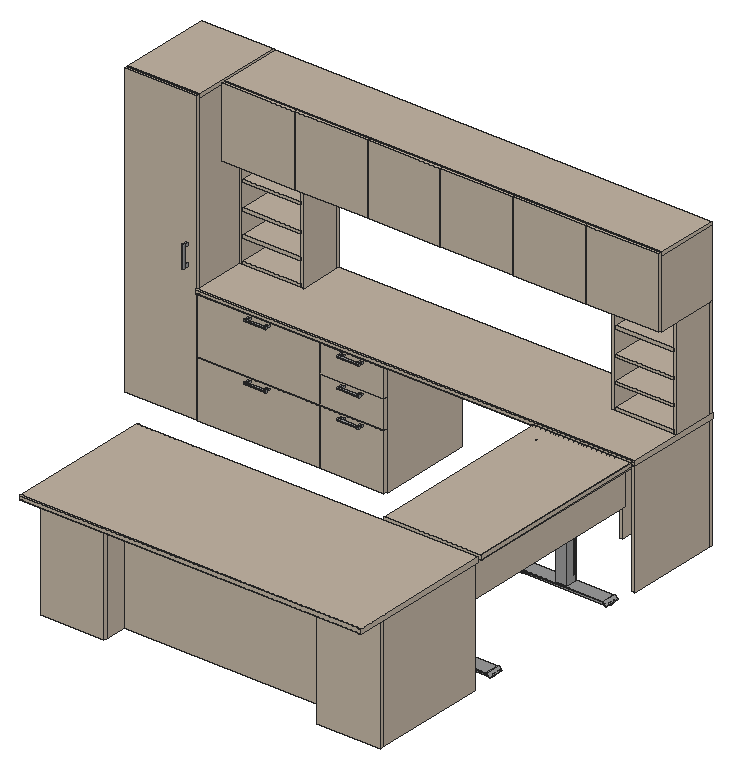
Revit family "JSI-Vision-Typical_Laminate-VST106", category Furniture, Revit 2020
Family settings
  OmniClass Number = 23.40.20.00
  OmniClass Title = General Furniture and Specialties
  Work Plane-Based = No
  Always vertical = Yes
  Cut with Voids When Loaded = No
  Shared = No
  Room Calculation Point = No
Parameters (values of type "VST106")
  URL = "www.jsifurniture.com"
  Type Comments = "Typical Laminate"  # constant formula
  Model = "VST106"
  Manufacturer = "JSI"  # constant formula
  Keynote = "12500"
  Default Elevation = 0"
  Assembly Code = "E2020200"
Reference planes (in)
  plane 1 "Center Front/Back": y = 0
  plane 2: z = 0
  plane 3 "Center Left/Right": x = 0
Dimensions and locks (in)
  aligned and locked: level to plane 2
Nested families (in)
  nested 1: "JSI-Vision-Wall_Mount_Overhead_Cabinets" at (17.875, 0, -0.5625), type "VST16108WSO, Laminate Wall Mount OH Cab. 16" x 108", 6 Doors"
    with Overall Height 72", Verticall Partition Distance 35 13/16", Unit Centre 54", Width 108", Door Width Actual 17 13/16", Door Array Spacing 17 15/16", Door Width 17 13/16", # of Doors 6
  nested 2: "JSI-Vision-Modular_Box_Box_File_Pedestal" at (47.875, 0.0625, 0), type "VST1624MBBF, Laminate Modular BBF Ped"
    with Ped Width 15.996", Ped Height 27.996", Ped Depth 24"
  nested 3: "JSI-Vision-Modular_Wing_End_Support" at (109.875, 0, 0), type "VST1624WEAR, Wing End Sup - Right"
    with Pnl Pstn 15 1/8", L no, Depth 24"
  nested 4: "JSI-Vision-Credenza_Top" at (17.875, -0.125, 28), type "VST24108MCT, Laminate Credenza Top, 24" x 108""
    with Height 0", Width 108", Depth 24"
  nested 5: "JSI-Vision-Wardrobe" at (0, 0, 0), type "VST2418-72WL - Wardrobe - 1 Doors 30"W x 24"D x 72"H"
    with Vertical Partition no, Top-Right Shelve no, Width 18", Unit Centre 8 15/16", Shelve Width 7 13/16", Right surface Dist. to Vertical Partition 3/4", Right Door no, Pull Distance 15 1/4", Left Shelves no, Height 72", Hanging Bar Distance 6 3/4", Door Width 17 3/4", Bottom-Right Shelves yes, Adjustable Shelves Array Distance 13.95", Actual Width 17 7/8", Actual Height 71 11/16", # of Adjustable Shelves 4
  nested 6: "JSI-Vision-Modular_Lateral_File_Pedestal" at (17.875, 0.0625, 0), type "VST3024MLF, Laminate Modular Lat F Ped"
    with Ped Depth 24"
  nested 7: "JSI-Vision-Single_Pedestal_Desk-Break_Front_Modesty" at (89.81087, -97.625, 0) x (-1, 0, 0) z (0, 0, 1), type "VST3684RD, Laminate 36 x 84 Right Ped Desk, Brk Frnt Modesty"
    with Width 84", Panel BBF 68 1/4", LR no, Height 29.187", Grommet angle 270.00°, Panel FF 15", Grommet 68 79/128", Depth 36", BBF 68 1/4"
  nested 8: "JSI-Vision-Adjustable_Table_Height_Bridge-Standard_Range" at (125.875, -25.25, 0) x (0, -1, 0) z (0, 0, 1), type "VST2446AHB-S - Adjustable Height Table Standard Range 46"W x 24"D"
  nested 9: "JSI-Vision-Storage_Tower_Transaction_Support_Cabinet" at (17.875, -0.125, 0), type "VST2016ST, Storage Tower Insert Transaction Support Cabinet 16w x 24 3/4h"
  nested 10: "JSI-Vision-Storage_Tower_Transaction_Support_Cabinet" at (109.75, -0.125, 0), type "VST2016ST, Storage Tower Insert Transaction Support Cabinet 16w x 24 3/4h"
  nested 11: "JSI-Vision-Adj_Bridge_Modesty" at (124.375, -25.25, -0.813) x (0, -1, 0) z (0, 0, 1), type "VST0946TDM, Modesty for Adj Bridge, 46"W"
    with Width 46"
Definition of nested family "JSI-Vision-Wall_Mount_Overhead_Cabinets"
  Parameters (values of type "Wall Mount OH Cab - Type Catalog Family")
    Verticall Partition Distance = (Door Width * 2) + 3/16"  # 26 3/4"
    Unit Centre = Width / 2  # 27"
    Top = none
    Width = 54"
    URL = "www.jsifurniture.com"
    Type Comments = ""
    Tag = "4 Doors"
    Series = "Vision Casegoods"  # constant formula
    Right Vertical Partition = yes
    Overhead Height = 1 1/2"
    Overall Height [instance] = 72"
    Model = "Type Catalog"
    Material = ""
    Manufacturer = "JSI"  # constant formula
    Left Vertical Partition = yes
    Keynote = "12500"  # constant formula
    JSI Enviromental Website = "http://www.jsifurniture.com/jsi_sustainability_intro.php"
    Height = 18"
    Door Width Actual = if(# of Doors > 4, ((Width - 1 1/8") / # of Doors), if(# of Doors > 3, (((Width - 1 1/8") / # of Doors) + 1/16"), if(# of Doors > 2, (((Width - 1 1/8") / # of Doors) + 1/8"), (((Width - 1 1/8") / # of Doors) + 1/4"))))  # 13 9/32"
    Door Array Spacing = Door Width + 1/8"  # 13 13/32"
    Door Width = Door Width Actual  # 13 9/32"
    Door Front = none
    Description = "Type Catalog"
    Depth = 16"
    Default Elevation = 0"
    Chassis = none
    Assembly Code = "E2020200"
    # of Doors = if(Width > 89", 6, (if(Width > 53", 4, (if(Width > 41", 3, (if(Width > 30", 2, 2)))))))  # 4
  Reference planes (in)
    plane 1 "Center Front/Back": y = 0
    plane 2: z = 0
    plane 3 "Center Left/Right": x = 0
    plane 4 "a": z = 0
    plane 5: y = -0.125
    plane 6: x = 54
    plane 7: x = 0.125
    plane 8: x = 53.875
    plane 9: y = -15.5625
    plane 10: y = -16
    plane 11: z = 72
    plane 12: z = 71.5
    plane 13: x = 0.875
    plane 14: x = 53.125
    plane 15: y = -0.875
    plane 16: y = -0.9375
    plane 17: y = -1.6875
    plane 18: z = 71.25
    plane 19: z = 56
    plane 20: z = 56.75
    plane 21: z = 54.5
    plane 22: y = -14.8125
    plane 23: y = -14.0625
    plane 24: x = 0.25
    plane 25: x = 53.75
    plane 26: z = 71.9375
    plane 27: z = 54.6875
    plane 28: y = -15.6875
    plane 29: y = -16.4375
    plane 30: x = 18.0625
    plane 31: x = 18.1875
    plane 32: x = 18.125
    plane 33: x = 27
    plane 34: x = 27
    plane 35: x = 27
    plane 36: x = 26.625
    plane 37: x = 27.375
    plane 38: x = 26.625
    plane 39: x = 27.375
    plane 40: z = 54.5
    plane 41: z = 72.5
    plane 42: z = 66.0625
    plane 43: z = 69.0625
    plane 44: z = 68.25
    plane 45: x = 1.5
    plane 46: x = 52.5
  Forms (in)
    Extrusion 1, solid, material <- "Chassis"
      sketch origin (0, 0, 0) x (1, 0, 0) y (0, 1, 0)
        loop
          line (0.125, -0.125) -> (0.125, -15.5625) -> (0.875, -15.5625) -> (0.875, -0.125) -> (0.125, -0.125)
      from 54.5 to 71.25
    Extrusion 2, solid, material <- "Chassis"
      sketch origin (0, 0, 0) x (1, 0, 0) y (0, 1, 0)
        loop
          line (53.875, -0.125) -> (53.125, -0.125) -> (53.125, -15.5625) -> (53.875, -15.5625) -> (53.875, -0.125)
      from 54.5 to 71.25
    Extrusion 3, solid, material <- "Top"
      sketch origin (0, 0, 0) x (1, 0, 0) y (0, 0, 1)
        loop
          line (0.125, 72) -> (0.125, 71.25) -> (53.875, 71.25) -> (53.875, 72) -> (0.125, 72)
      from 0.125 to 15.5625
    Extrusion 4, solid, material <- "Chassis"
      sketch origin (0, 0, 0) x (1, 0, 0) y (0, 0, 1)
        loop
          line (0.875, 56.75) -> (0.875, 56) -> (53.125, 56) -> (53.125, 56.75) -> (0.875, 56.75)
      from 1.6875 to 15.5625
    Extrusion 5, solid, material <- "Chassis"
      sketch origin (0, 0, 0) x (1, 0, 0) y (0, 1, 0)
        loop
          line (0.875, -14.0625) -> (0.875, -14.8125) -> (53.125, -14.8125) -> (53.125, -14.0625) -> (0.875, -14.0625)
      from 54.5 to 56
    Extrusion 6, solid, material <- "Door Front"
      sketch origin (-4.53125, 0, 17.5) x (1, 0, 0) y (0, 1, 0)
        loop
          line (4.78125, -15.6875) -> (4.78125, -16.4375) -> (18.0625, -16.4375) -> (18.0625, -15.6875) -> (4.78125, -15.6875)
      from 37.1875 to 54.4375
    Extrusion 7, solid, material <- "Door Front"
      sketch origin (8.875, 0, 17.5) x (1, 0, 0) y (0, 1, 0)
        loop
          line (4.78125, -15.6875) -> (4.78125, -16.4375) -> (18.0625, -16.4375) -> (18.0625, -15.6875) -> (4.78125, -15.6875)
      from 37.1875 to 54.4375
    Extrusion 8, solid, material <- "Chassis", visible <- "Left Vertical Partition"
      sketch origin (0, 0, 0) x (1, 0, 0) y (0, 1, 0)
        loop
          line (26.625, -1.6875) -> (26.625, -15.5625) -> (27.375, -15.5625) -> (27.375, -1.6875) -> (26.625, -1.6875)
      from 56.75 to 71.25
    Extrusion 9, solid, material <- "Chassis", visible <- "Right Vertical Partition"
      sketch origin (0, 0, 0) x (1, 0, 0) y (0, 1, 0)
        loop
          line (26.625, -1.6875) -> (26.625, -15.5625) -> (27.375, -15.5625) -> (27.375, -1.6875) -> (26.625, -1.6875)
      from 56.75 to 71.25
    Extrusion 10, solid, material <- "Chassis"
      sketch origin (130.61992, -0.9375, 48) x (1, 0, 0) y (0, 0, 1)
        loop
          line (-129.74492, 23.25) -> (-129.74492, 6.5) -> (-77.49492, 6.5) -> (-77.49492, 23.25) -> (-129.74492, 23.25)
      from 0 to 0.75
    Extrusion 11, solid, material <- "Chassis"
      sketch origin (1.5, 60, 48) x (0, 1, 0) y (0, 0, 1)
        loop
          line (-60.125, 23.25) -> (-60.9375, 23.25) -> (-60.9375, 21.0625) -> (-60.125, 20.25) -> (-60.125, 23.25)
      from -0.625 to 51.625
    Extrusion 12, solid, material <- "Chassis"
      sketch origin (1.5, 60, 48) x (0, 1, 0) y (0, 0, 1)
        loop
          line (-60.9375, 21.0625) -> (-60.9375, 18.0625) -> (-60.125, 18.0625) -> (-60.125, 20.25) -> (-60.9375, 21.0625)
      from 0 to 51
    Extrusion 13, solid, material <- "Door Front"
      sketch origin (22.28125, 0, 17.5) x (1, 0, 0) y (0, 1, 0)
        loop
          line (4.78125, -15.6875) -> (4.78125, -16.4375) -> (18.0625, -16.4375) -> (18.0625, -15.6875) -> (4.78125, -15.6875)
      from 37.1875 to 54.4375
    Extrusion 14, solid, material <- "Door Front"
      sketch origin (35.6875, 0, 17.5) x (1, 0, 0) y (0, 1, 0)
        loop
          line (4.78125, -15.6875) -> (4.78125, -16.4375) -> (18.0625, -16.4375) -> (18.0625, -15.6875) -> (4.78125, -15.6875)
      from 37.1875 to 54.4375
  Lines and regions (in)
    symbolic lines
      curve 1: line (0.125, -0.125, 0) -> (0.125, -15.5625, 0)
      curve 2: line (53.875, -0.125, 0) -> (0.125, -0.125, 0)
      curve 3: line (0.125, -15.5625, 0) -> (53.875, -15.5625, 0)
      curve 4: line (53.875, -15.5625, 0) -> (53.875, -0.125, 0)
      curve 5: line (13.53125, -15.6875, 0) -> (0.25, -15.6875, 0)
      curve 6: line (0.25, -15.6875, 0) -> (0.25, -16.4375, 0)
      curve 7: line (0.25, -16.4375, 0) -> (13.53125, -16.4375, 0)
      curve 8: line (13.53125, -16.4375, 0) -> (13.53125, -15.6875, 0)
      curve 9: line (26.9375, -15.6875, 0) -> (13.65625, -15.6875, 0)
      curve 10: line (13.65625, -15.6875, 0) -> (13.65625, -16.4375, 0)
      curve 11: line (13.65625, -16.4375, 0) -> (26.9375, -16.4375, 0)
      curve 12: line (26.9375, -16.4375, 0) -> (26.9375, -15.6875, 0)
      curve 13: line (40.34375, -15.6875, 0) -> (27.0625, -15.6875, 0)
      curve 14: line (27.0625, -15.6875, 0) -> (27.0625, -16.4375, 0)
      curve 15: line (27.0625, -16.4375, 0) -> (40.34375, -16.4375, 0)
      curve 16: line (40.34375, -16.4375, 0) -> (40.34375, -15.6875, 0)
      curve 17: line (53.75, -15.6875, 0) -> (40.46875, -15.6875, 0)
      curve 18: line (40.46875, -15.6875, 0) -> (40.46875, -16.4375, 0)
      curve 19: line (40.46875, -16.4375, 0) -> (53.75, -16.4375, 0)
      curve 20: line (53.75, -16.4375, 0) -> (53.75, -15.6875, 0)
  Dimensions and locks (in)
    plane 3 "Center Left/Right" to plane 7 to plane 24 = 1/8" locked, 1/8" locked
    plane 25 to plane 8 to plane 6 = 1/8" locked, 1/8" locked
    locked: plane 5 to plane 1 "Center Front/Back" at 0.125
    plane 10 to plane 9 to plane 22 to plane 23 = 7/16" locked, 3/4" locked, 3/4" locked
    "Width": plane 3 "Center Left/Right" to plane 6
    "Depth": plane 10 to plane 1 "Center Front/Back"
    locked: plane 11 to plane 12 at 0.5
    plane 7 to plane 13 to plane 45 = 3/4" locked, 5/8" locked
    plane 46 to plane 14 to plane 8 = 5/8" locked, 3/4" locked
    locked: plane 15 to plane 5 at 0.75
    plane 17 to plane 16 to plane 5 = 3/4" locked, 13/16" locked
    locked: plane 11 to plane 18 at 0.75
    plane 20 to plane 19 to plane 21 = 3/4" locked, 1 1/2" locked
    locked: plane 11 to plane 26 at 0.0625
    locked: plane 27 to plane 21 at 0.1875
    plane 29 to plane 28 to plane 9 = 3/4" locked, 1/8" locked
    plane 30 to plane 32 to plane 31 = 1/16" locked, 1/16" locked
    "Door Width": Extrusion 6 sketch curve to Extrusion 6 sketch curve
    "Door Width": Extrusion 7 sketch curve to Extrusion 7 sketch curve
    equal spacing: group 1, group 2, group 3, group 4  (x3)
    "Door Array Spacing": Extrusion 6 to Extrusion 7
    "Verticall Partition Distance": plane 24 to plane 34
    plane 36 to plane 34 to plane 37 = 3/8" locked, 3/8" locked
    plane 38 to plane 35 to plane 39 = 3/8" locked, 3/8" locked
    "Verticall Partition Distance": plane 35 to plane 25
    "Unit Centre": plane 3 "Center Left/Right" to plane 33
    "Overhead Height": plane 19 to plane 40
    locked: plane 41 to plane 11 at 0.5
    "Height": plane 41 to plane 40
    plane 18 to plane 43 to plane 44 to plane 42 = 2 3/16" locked, 13/16" locked, 2 3/16" locked
    "Door Width": Extrusion 13 sketch curve to Extrusion 13 sketch curve
    "Door Width": Extrusion 14 sketch curve to Extrusion 14 sketch curve
    "Overall Height": plane 11 to level
    aligned and locked: level to plane 2
    aligned and locked: plane 5 to Extrusion 1 sketch curve
    aligned and locked: plane 7 to Extrusion 1 sketch curve
    aligned and locked: Extrusion 1 sketch curve to plane 13
    aligned and locked: Extrusion 2 sketch curve to plane 5
    aligned and locked: plane 8 to Extrusion 2 sketch curve
    aligned and locked: Extrusion 2 sketch curve to plane 14
    aligned and locked: Extrusion 3 sketch curve to plane 11
    aligned and locked: plane 7 to Extrusion 3 sketch curve
    aligned and locked: Extrusion 3 to plane 5
    aligned and locked: plane 9 to Extrusion 1
    aligned and locked: plane 9 to Extrusion 2
    aligned and locked: plane 9 to Extrusion 3
    aligned and locked: Extrusion 4 sketch curve to plane 20
    aligned and locked: plane 13 to Extrusion 4 sketch curve
    aligned and locked: plane 19 to Extrusion 4 sketch curve
    aligned and locked: Extrusion 4 sketch curve to plane 14
    aligned and locked: Extrusion 4 to plane 17
    aligned and locked: plane 9 to Extrusion 4
    aligned and locked: plane 23 to Extrusion 5 sketch curve
    aligned and locked: plane 13 to Extrusion 5 sketch curve
    aligned and locked: Extrusion 5 sketch curve to plane 22
    aligned and locked: Extrusion 5 sketch curve to plane 14
    aligned and locked: plane 19 to Extrusion 5
    aligned and locked: Extrusion 5 to plane 21
    aligned and locked: plane 26 to Extrusion 6
    aligned and locked: Extrusion 6 to plane 24
    aligned and locked: plane 17 to Extrusion 8 sketch curve
    aligned and locked: plane 36 to Extrusion 8 sketch curve
    aligned and locked: Extrusion 8 sketch curve to plane 9
    aligned and locked: Extrusion 8 sketch curve to plane 37
    aligned and locked: plane 17 to Extrusion 9 sketch curve
    aligned and locked: plane 38 to Extrusion 9 sketch curve
    aligned and locked: Extrusion 9 sketch curve to plane 9
    aligned and locked: Extrusion 9 sketch curve to plane 39
    aligned and locked: plane 18 to Extrusion 8
    aligned and locked: Extrusion 8 to plane 20
    aligned and locked: plane 18 to Extrusion 9
    aligned and locked: Extrusion 9 to plane 20
    aligned and locked: Extrusion 1 to Extrusion 10 sketch curve
    aligned and locked: Extrusion 10 sketch curve to Extrusion 1
    aligned and locked: Extrusion 2 to Extrusion 10 sketch curve
    aligned and locked: Extrusion 10 to plane 16
    aligned and locked: plane 17 to Extrusion 10
    aligned and locked: plane 33 to nested 1
    aligned and locked: plane 29 to nested 1
    aligned and locked: plane 26 to Extrusion 7
    aligned and locked: plane 18 to Extrusion 1
    aligned and locked: plane 18 to Extrusion 2
    aligned and locked: curve 1 to Extrusion 3
    aligned and locked: curve 2 to Extrusion 3
    aligned and locked: curve 3 to Extrusion 3
    aligned and locked: curve 4 to Extrusion 3
    aligned and locked: Extrusion 1 to plane 40
    aligned and locked: Extrusion 2 to plane 40
    aligned and locked: Extrusion 10 sketch curve to plane 40
    aligned and locked: Extrusion 6 to plane 26
    aligned and locked: Extrusion 7 to plane 26
    aligned and locked: Extrusion 11 sketch curve to plane 18
    aligned and locked: plane 5 to Extrusion 11 sketch curve
    aligned and locked: Extrusion 11 sketch curve to plane 16
    aligned and locked: plane 43 to Extrusion 11 sketch curve
    aligned and locked: plane 44 to Extrusion 11 sketch curve
    aligned and locked: Extrusion 11 to plane 13
    aligned and locked: plane 14 to Extrusion 11
    aligned and locked: Extrusion 12 sketch curve to Extrusion 11
    aligned and locked: Extrusion 12 sketch curve to plane 5
    aligned and locked: plane 16 to Extrusion 12 sketch curve
    aligned and locked: Extrusion 12 sketch curve to plane 42
    aligned and locked: plane 43 to Extrusion 12 sketch curve
    aligned and locked: plane 44 to Extrusion 12 sketch curve
    aligned and locked: Extrusion 12 to plane 45
    aligned and locked: plane 46 to Extrusion 12
    aligned and locked: curve 5 to Extrusion 6
    aligned and locked: curve 6 to Extrusion 6
    aligned and locked: curve 7 to Extrusion 6
    aligned and locked: curve 8 to Extrusion 6
    aligned and locked: curve 9 to Extrusion 7
    aligned and locked: curve 10 to Extrusion 7
    aligned and locked: curve 11 to Extrusion 7
    aligned and locked: curve 12 to Extrusion 7
    aligned and locked: curve 13 to Extrusion 13
    aligned and locked: curve 14 to Extrusion 13
    aligned and locked: curve 15 to Extrusion 13
    aligned and locked: curve 16 to Extrusion 13
    aligned and locked: curve 17 to Extrusion 14
    aligned and locked: curve 18 to Extrusion 14
    aligned and locked: curve 19 to Extrusion 14
    aligned and locked: curve 20 to Extrusion 14
  Automatic sketch dimensions
    Extrusion 1 sketch curve to plane 10 = 7/16"
    Extrusion 3 sketch curve to plane 8 = 0"
    Extrusion 3 sketch curve to plane 18 = 0"
    plane 9 to Extrusion 2 sketch curve = 0"
    Extrusion 6 sketch curve to Extrusion 6 sketch curve = 3/4"
    Extrusion 7 sketch curve to Extrusion 7 sketch curve = 3/4"
    curve 6 to curve 6 = 3/4"
    curve 6 to curve 7 = 13 9/32"
    curve 10 to curve 10 = 3/4"
    curve 10 to curve 11 = 13 9/32"
    Extrusion 13 sketch curve to Extrusion 13 sketch curve = 3/4"
    curve 14 to curve 14 = 3/4"
    curve 14 to curve 15 = 13 9/32"
    Extrusion 14 sketch curve to Extrusion 14 sketch curve = 3/4"
    curve 18 to curve 18 = 3/4"
    curve 18 to curve 19 = 13 9/32"
  Nested families (in)
    nested 1: "Label 1-16 OH" at (27, -16.4375, 0), type "OH DOORS"
  Definition of nested family "Label 1-16 OH"
    Parameters
      Width = 1"
      Model Name = "XX"
    Reference planes (in)
      plane 1: y = 0
      plane 2: x = 0
    Text (in)
      label "XX" at (0.00051, -0.12324, 0), shows "Model Name"
Definition of nested family "JSI-Vision-Modular_Box_Box_File_Pedestal"
  Parameters (values of type "Type Catalog")
    URL = "www.jsifurniture.com"
    Tag = "BBF"
    Series = "Vision Casegoods"  # constant formula
    Pull Finish = none
    Ped Width = 16"
    Ped Height = 28"
    Model = "Type Catalog"
    Manufacturer = "JSI"  # constant formula
    Keynote = "12500"
    JSI Enviromental website = "http://www.jsifurniture.com/jsi_sustainability_intro.php"
    Description = "Type Catalog"
    Default Elevation = 0"
    Chassis = none
    Ped Depth = 20"
    Grommet Finish = none
    Drawer Front = none
    Assembly Code = "E2020200"
  Reference planes (in)
    plane 1 "Center Front/Back": y = 0
    plane 2: z = 0
    plane 3 "Center Left/Right": x = 0
    plane 4: x = 0.125
    plane 5: x = 16.125
    plane 6: x = 16.25
    plane 7: y = -18.9795
    plane 8: y = -0.1875
    plane 9: y = -19.1095
    plane 10: x = 0.18716
    plane 11: x = 16.06243
    plane 12: y = -19.8595
    plane 13: z = 27.89082
    plane 14: z = 28
    plane 15: x = 0.875
    plane 16: x = 15.376
    plane 17: y = -0.9375
    plane 18: y = -18.23863
    plane 19: z = 27.1404
    plane 20: z = 26.5625
    plane 21: y = -3.9375
    plane 22: x = 8.125
    plane 23: y = -20
    plane 24: y = -9.80266
    plane 25: y = -14.80266
    plane 26: z = 27.1875
    plane 27: z = 21.04715
    plane 28: z = 20.92165
    plane 29: z = 20.1704
    plane 30: z = 14.0779
    plane 31: z = 13.9529
    plane 32: z = 13.2024
    plane 33: z = 0.1404
  Forms (in)
    Extrusion 1, solid, material <- "Chassis"
      sketch origin (0.125, -0.1875, 48) x (0, 1, 0) y (0, 0, 1)
        loop
          line (0, -20) -> (-2.2814, -20) -> (-18.792, -20) -> (-18.792, -48) -> (0, -48) -> (0, -20)
      from 0 to 0.75
    Extrusion 2, solid, material <- "Chassis"
      sketch origin (16.125, -0.1875, 48) x (0, 1, 0) y (0, 0, 1)
        loop
          line (0, -20) -> (-1.49541, -20) -> (-18.792, -20) -> (-18.792, -48) -> (0, -48) -> (0, -20)
      from -0.749 to 0
    Extrusion 3, solid, material <- "Drawer Front"
      sketch origin (0, 0, 0) x (1, 0, 0) y (0, 0, 1)
        loop
          line (0.18716, 27.89082) -> (0.18716, 21.04715) -> (16.06243, 21.04715) -> (16.06243, 27.89082) -> (0.18716, 27.89082)
        loop
          line (16.06243, 14.0779) -> (16.06243, 20.92165) -> (0.18716, 20.92165) -> (0.18716, 14.0779) -> (16.06243, 14.0779)
        loop
          line (0.18716, 13.9529) -> (0.18716, 0.1404) -> (16.06243, 0.1404) -> (16.06243, 13.9529) -> (0.18716, 13.9529)
      from 19.1095 to 19.8595
    Extrusion 4, solid, material <- "Chassis"
      sketch origin (0, 0, 0) x (1, 0, 0) y (0, 1, 0)
        loop
          line (0.875, -18.23863) -> (0.875, -18.9795) -> (15.376, -18.9795) -> (15.376, -18.23863) -> (0.875, -18.23863)
      from 0 to 1.9375
    Extrusion 5, solid, material <- "Chassis"
      sketch origin (0, 0, 0) x (0, 1, 0) y (0, 0, 1)
        loop
          line (-9.80266, 27.1875) -> (-9.80266, 27.89082) -> (-14.80266, 27.89082) -> (-14.80266, 27.1875) -> (-9.80266, 27.1875)
      from 0.875 to 15.376
    Extrusion 6, solid, material <- "Chassis"
      sketch origin (0, 0, 0) x (0, 1, 0) y (0, 0, 1)
        loop
          line (-0.1875, 28) -> (-0.9375, 28) -> (-0.9375, 23) -> (-0.1875, 23) -> (-0.1875, 28)
        loop
          line (-0.9375, 5) -> (-0.9375, 0) -> (-0.1875, 0) -> (-0.1875, 5) -> (-0.9375, 5)
      from 0.875 to 15.376
  Lines and regions (in)
    symbolic lines
      curve 1: line (0.125, -18.9795, 0) -> (0.125, -0.1875, 0)
      curve 2: line (16.125, -0.1875, 0) -> (16.125, -18.9795, 0)
      curve 3: line (0.18716, -19.1095, 0) -> (16.06243, -19.1095, 0)
      curve 4: line (0.18716, -19.8595, 0) -> (0.18716, -19.1095, 0)
      curve 5: line (16.06243, -19.8595, 0) -> (0.18716, -19.8595, 0)
      curve 6: line (16.06243, -19.1095, 0) -> (16.06243, -19.8595, 0)
      curve 7: line (0.875, -0.1875, 0) -> (0.875, -18.9795, 0)
      curve 8: line (0.125, -18.9795, 0) -> (0.875, -18.9795, 0)
      curve 9: line (15.376, -0.1875, 0) -> (15.376, -18.9795, 0)
      curve 10: line (15.376, -18.9795, 0) -> (16.125, -18.9795, 0)
      curve 11: line (0.125, -0.1875, 0) -> (16.125, -0.1875, 0)
      curve 12: line (0.875, -0.9375, 0) -> (15.376, -0.9375, 0)
  Dimensions and locks (in)
    plane 3 "Center Left/Right" to plane 4 = 1/8"
    locked: plane 5 to plane 6 at 0.125
    "Ped Width": plane 4 to plane 5
    locked: plane 1 "Center Front/Back" to plane 8 at 0.1875
    "Ped Height": plane 14 to level
    locked: plane 8 to plane 17 at 0.75
    plane 18 to plane 7 to plane 9 to plane 12 = 0.74087" locked, 0.13" locked, 3/4" locked
    plane 4 to plane 10 to plane 15 = 0.06216" locked, 0.68784" locked
    plane 16 to plane 11 to plane 5 = 0.68644" locked, 0.06257" locked
    locked: plane 14 to plane 20 at 1.4375
    locked: plane 1 "Center Front/Back" to plane 21 at 3.9375
    plane 3 "Center Left/Right" to plane 22 to plane 6 = 8 1/8", 8 1/8"
    "Ped Depth": plane 23 to plane 1 "Center Front/Back"
    locked: plane 12 to plane 23 at 0.1405
    plane 24 to plane 25 to plane 23 = 5" locked, 5.19734" locked
    locked: plane 14 to Extrusion 6 sketch curve at 5
    locked: Extrusion 6 sketch curve to plane 2 at 5
    plane 14 to plane 13 to plane 27 to plane 28 to plane 30 to plane 31 to plane 33 to plane 2 = 0.10918" locked, 6.84367" locked, 0.1255" locked, 6 27/32" locked, 1/8" locked, 13 13/16", 0.1404" locked
    plane 19 to plane 29 to plane 32 to plane 2 = 6.97" locked, 6.968" locked, 13.2024" locked
    aligned and locked: level to plane 2
    aligned and locked: Extrusion 1 sketch curve to plane 7
    aligned and locked: Extrusion 1 sketch curve to level
    aligned and locked: Extrusion 2 sketch curve to plane 14
    aligned and locked: level to Extrusion 2 sketch curve
    aligned and locked: plane 7 to Extrusion 2 sketch curve
    aligned and locked: Extrusion 3 sketch curve to plane 13
    aligned and locked: Extrusion 3 sketch curve to plane 10  (x2)
    aligned and locked: plane 11 to Extrusion 3 sketch curve  (x2)
    aligned and locked: Extrusion 3 to plane 12
    aligned and locked: plane 9 to Extrusion 3
    aligned and locked: Extrusion 4 sketch curve to plane 18
    aligned and locked: plane 15 to Extrusion 4 sketch curve
    aligned and locked: nested 1 to plane 12
    aligned and locked: nested 2 to plane 12
    aligned and locked: plane 19 to nested 2
    aligned and locked: plane 24 to Extrusion 5 sketch curve
    aligned and locked: Extrusion 5 sketch curve to plane 26
    aligned and locked: Extrusion 5 sketch curve to plane 25
    aligned and locked: plane 13 to Extrusion 5 sketch curve
    aligned and locked: Extrusion 5 to plane 15
    aligned and locked: plane 16 to Extrusion 5
    aligned and locked: nested 3 to plane 22
    aligned and locked: nested 3 to plane 23
    aligned and locked: nested 2 to plane 22
    aligned and locked: nested 1 to plane 22
    aligned and locked: Extrusion 3 sketch curve to Extrusion 3 sketch curve  (x2)
    aligned and locked: nested 4 to plane 22
    aligned and locked: nested 4 to plane 12
    aligned and locked: Extrusion 3 to plane 28
    aligned and locked: plane 27 to Extrusion 3
    aligned and locked: Extrusion 3 to plane 31
    aligned and locked: plane 30 to Extrusion 3
    aligned and locked: plane 8 to Extrusion 1
    aligned and locked: plane 8 to Extrusion 2
    aligned and locked: curve 7 to Extrusion 1
    aligned and locked: plane 8 to curve 9
    aligned and locked: Extrusion 2 to plane 16
    aligned and locked: plane 8 to Extrusion 6 sketch curve
    aligned and locked: Extrusion 6 sketch curve to plane 17
    aligned and locked: Extrusion 6 sketch curve to plane 2
    aligned and locked: Extrusion 6 sketch curve to plane 8
    aligned and locked: plane 17 to Extrusion 6 sketch curve
    aligned and locked: Extrusion 6 sketch curve to plane 14
    aligned and locked: Extrusion 6 to plane 15
    aligned and locked: plane 16 to Extrusion 6
    aligned and locked: plane 4 to curve 11
    aligned and locked: plane 5 to curve 11
    aligned and locked: curve 11 to plane 8
    aligned and locked: plane 15 to curve 12
    aligned and locked: plane 16 to curve 12
    aligned and locked: curve 12 to plane 17
    aligned and locked: plane 33 to Extrusion 3
  Automatic sketch dimensions
    Extrusion 3 sketch curve to plane 19 = 6 7/32"
    Extrusion 3 sketch curve to Extrusion 3 sketch curve = 0.1255"
    Extrusion 1 sketch curve to plane 14 = 0"
    Extrusion 1 sketch curve to Extrusion 1 sketch curve = 2.2814"
    Extrusion 2 sketch curve to plane 17 = 0.74541"
    Extrusion 3 sketch curve to Extrusion 3 sketch curve = 1/8"
    Extrusion 3 sketch curve to Extrusion 3 sketch curve = 6 31/32"
    level to Extrusion 3 sketch curve = 0.1404"
    plane 17 to Extrusion 1 sketch curve = 3/4"
    Extrusion 4 sketch curve to plane 7 = 0"
    Extrusion 4 sketch curve to plane 16 = 0"
    plane 17 to Extrusion 2 sketch curve = 3/4"
    curve 3 to plane 9 = 0"
    curve 3 to plane 10 = 0"
    curve 10 to plane 7 = 0"
    curve 5 to plane 11 = 0"
    curve 4 to plane 12 = 0"
    curve 1 to plane 7 = 0"
  Nested families (in)
    nested 1: "Bar Pull" at (8.125, -19.8595, 13.2024), Pull Finish <- "Pull Finish", type "PL"
      with Pull Finish none
    nested 2: "Bar Pull" at (8.125, -19.8595, 27.1404), Pull Finish <- "Pull Finish", type "PL"
      with Pull Finish none
    nested 3: "Label 1-16" at (8.125, -20, 0), type "DRWCFG"
    nested 4: "Bar Pull" at (8.125, -19.8595, 20.1704), Pull Finish <- "Pull Finish", type "PL"
      with Pull Finish none
  Definition of nested family "Bar Pull"
    Parameters
      Pull Finish [instance] = none
      Default Elevation = 0"
    Reference planes (in)
      plane 1 "Center Front/Back": y = 0
      plane 2: z = 0
      plane 3 "Center Left/Right": x = 0
      plane 4: x = -2.68731
      plane 5: x = -1.88731
      plane 6: x = 2.68731
      plane 7: x = 1.88731
      plane 8: y = -1
      plane 9: y = -0.85202
    Forms (in)
      Extrusion 1, solid, material <- "Pull Finish"
        sketch origin (0, 0, 0) x (0, 1, 0) y (0, 0, 1)
          loop
            line (0, -0.2015) -> (0, 0.2015) -> (-0.85202, 0.2015)
            arc (-0.85202, 0.2015) -> (-0.75, 0) -> (-0.85202, -0.2015) r 0.25
            line (-0.85202, -0.2015) -> (0, -0.2015)
        from 1.88731 to 2.68731
      Extrusion 2, solid, material <- "Pull Finish"
        sketch origin (0, 0, 0) x (0, 1, 0) y (0, 0, 1)
          loop
            circle (-1, 0) r 0.25
        from -2.68731 to 2.68731
      Extrusion 3, solid, material <- "Pull Finish"
        sketch origin (0, 0, 0) x (0, 1, 0) y (0, 0, -1)
          loop
            line (0, 0.2015) -> (-0.85202, 0.2015)
            arc (-0.85202, 0.2015) -> (-0.75, 0) -> (-0.85202, -0.2015) r 0.25
            line (-0.85202, -0.2015) -> (0, -0.2015) -> (0, 0.2015)
        from 1.88731 to 2.68731
    Dimensions and locks (in)
      plane 4 to plane 5 to plane 3 "Center Left/Right" to plane 7 to plane 6 = 0.8" locked, 1.88731" locked, 1.88731" locked, 0.8" locked
      plane 8 to plane 9 to plane 1 "Center Front/Back" = 0.14798" locked, 0.85202" locked
      aligned and locked: level to plane 2
      aligned and locked: plane 4 to Extrusion 3
      aligned and locked: Extrusion 3 to plane 5
      aligned and locked: plane 4 to Extrusion 2
      aligned and locked: Extrusion 1 to plane 7
      aligned and locked: plane 6 to Extrusion 1
      aligned and locked: plane 6 to Extrusion 2
      aligned and locked: plane 8 to Extrusion 2 sketch curve
      aligned and locked: Extrusion 3 to plane 1 "Center Front/Back"
      aligned and locked: Extrusion 1 to plane 1 "Center Front/Back"
      aligned and locked: plane 5 to Extrusion 3
      aligned and locked: Extrusion 3 to plane 4
      aligned and locked: Extrusion 2 to plane 4
      aligned and locked: plane 7 to Extrusion 1
      aligned and locked: Extrusion 1 to plane 6
      aligned and locked: Extrusion 2 to plane 6
  Definition of nested family "Label 1-16"
    Parameters
      Width = 1"
      Model Name = "2 Drw - 2 Drs"
    Reference planes (in)
      plane 1: y = 0
      plane 2: x = 0
    Text (in)
      label "XX" at (0.00051, -0.12324, 0), shows "Model Name"
Definition of nested family "JSI-Vision-Modular_Wing_End_Support"
  Parameters (values of type "Wing End Sup - Type Catalog Family")
    Width = 16"
    URL = "www.jsifurniture.com"
    Series = "Vision Casegoods"  # constant formula
    Pnl Pstn = if(L, 1/8", Width - 7/8")  # 1/8"
    Model = "Type Catalog"
    Manufacturer = "JSI"  # constant formula
    L = yes
    Keynote = "12500"  # constant formula
    JSI Enviromental website = "http://www.jsifurniture.com/jsi_sustainability_intro.php"
    Height = 28"
    Grommet Finish = none
    Description = "Type Catalog"
    Depth = 20"
    Default Elevation = 0"
    Chassis = none
    Assembly Code = "E2020200"
  Reference planes (in)
    plane 1 "Center Front/Back": y = 0
    plane 2: z = 0
    plane 3 "Center Left/Right": x = 0
    plane 4: x = 0.125
    plane 5: x = 15.875
    plane 6: x = 16
    plane 7: y = -0.1875
    plane 8: z = 28
    plane 9: x = 0.875
    plane 10: x = 15.126
    plane 11: y = -20
    plane 12: y = -19.8125
    plane 13: y = -0.9375
    plane 14: x = 0.125
    plane 15: x = 15.875
  Forms (in)
    Extrusion 1, solid, material <- "Chassis"
      sketch origin (0, 0, 0) x (1, 0, 0) y (0, 1, 0)
        loop
          line (0.125, -0.1875) -> (0.125, -0.9375) -> (15.875, -0.9375) -> (15.875, -0.1875) -> (0.125, -0.1875)
      from 0 to 28
    Extrusion 2, solid, material <- "Chassis"
      sketch origin (0.125, -0.1875, 48) x (0, 1, 0) y (0, 0, 1)
        loop
          line (-0.75, -20) -> (-19.625, -20) -> (-19.625, -48) -> (-0.75, -48) -> (-0.75, -20)
      from 0 to 0.75
    Extrusion 3, solid, material <- "Chassis"
      sketch origin (15.875, -0.1875, 48) x (0, 1, 0) y (0, 0, 1)
        loop
          line (-0.75, -20) -> (-4.75, -20) -> (-4.75, -48) -> (-0.75, -48) -> (-0.75, -20)
      from -0.749 to 0
    Extrusion 4, solid, material <- "Chassis"
      sketch origin (0, 0, 0) x (0, 1, 0) y (0, 0, 1)
        loop
          line (-0.9375, 1.75) -> (-0.9375, 2.5) -> (-2.875, 2.5) -> (-2.875, 1.75) -> (-0.9375, 1.75)
      from 0.875 to 15.126
  Lines and regions (in)
    symbolic lines
      curve 1: line (15.875, -0.1875, 0) -> (0.125, -0.1875, 0)
      curve 2: line (0.125, -19.8125, 0) -> (0.125, -0.1875, 0)
      curve 3: line (15.875, -0.1875, 0) -> (15.875, -4.9375, 0)
      curve 4: line (0.125, -0.9375, 0) -> (15.875, -0.9375, 0)
      curve 5: line (0.875, -0.9375, 0) -> (0.875, -19.8125, 0)
      curve 6: line (0.125, -19.8125, 0) -> (0.875, -19.8125, 0)
      curve 7: line (15.126, -0.9375, 0) -> (15.126, -4.9375, 0)
      curve 8: line (15.126, -4.9375, 0) -> (15.875, -4.9375, 0)
  Dimensions and locks (in)
    locked: plane 1 "Center Front/Back" to plane 7 at 0.1875
    "Height": plane 8 to level
    locked: plane 4 to plane 9 at 0.75
    locked: plane 10 to plane 5 at 0.749
    "Depth": plane 11 to plane 1 "Center Front/Back"
    "Width": plane 3 "Center Left/Right" to plane 6
    locked: plane 3 "Center Left/Right" to plane 14 at 0.125
    locked: plane 15 to plane 6 at 0.125
    locked: Extrusion 1 to Extrusion 4 at 0.75
    locked: Extrusion 4 to Extrusion 1 at 0.749
    "Pnl Pstn": plane 3 "Center Left/Right" to plane 4
    "Pnl Pstn": plane 5 to plane 6
    locked: plane 12 to plane 11 at 0.1875
    Extrusion 4 to Extrusion 4 to plane 2 = 3/4" locked, 1 3/4" locked
    locked: plane 13 to Extrusion 4 at 1.9375
    aligned and locked: level to plane 2
    aligned and locked: Extrusion 1 sketch curve to plane 7
    aligned and locked: Extrusion 2 sketch curve to level
    aligned and locked: Extrusion 3 sketch curve to plane 8
    aligned and locked: level to Extrusion 3 sketch curve
    aligned and locked: Extrusion 2 to plane 12
    aligned and locked: plane 13 to Extrusion 2
    aligned and locked: plane 9 to Extrusion 2
    aligned and locked: Extrusion 2 to plane 4
    aligned and locked: Extrusion 1 to plane 14
    aligned and locked: plane 15 to Extrusion 1
    aligned and locked: curve 6 to plane 12
    aligned and locked: plane 13 to Extrusion 4 sketch curve
    aligned and locked: plane 13 to Extrusion 3
    aligned and locked: plane 14 to curve 1
  Automatic sketch dimensions
    plane 11 to Extrusion 3 sketch curve = 15 1/16"
    Extrusion 2 sketch curve to plane 8 = 0"
    plane 12 to Extrusion 2 sketch curve = 0"
    Extrusion 1 sketch curve to plane 7 = 3/4"
    Extrusion 2 sketch curve to plane 7 = 3/4"
    Extrusion 3 sketch curve to plane 7 = 3/4"
    Extrusion 1 sketch curve to plane 4 = 0"
    plane 5 to Extrusion 1 sketch curve = 0"
    curve 7 to plane 10 = 0"
    curve 3 to plane 5 = 0"
    curve 2 to plane 4 = 0"
    curve 6 to plane 9 = 0"
    curve 1 to plane 15 = 0"
    curve 4 to plane 13 = 0"
    curve 7 to plane 13 = 0"
    curve 5 to plane 13 = 0"
    curve 2 to plane 7 = 0"
    level to Extrusion 4 sketch curve = 1 3/4"
    Extrusion 4 sketch curve to Extrusion 4 sketch curve = 3/4"
    curve 3 to curve 4 = 4"
    Extrusion 4 sketch curve to plane 13 = 1 15/16"
Definition of nested family "JSI-Vision-Credenza_Top"
  Parameters (values of type "Type Catalog")
    Worksurface = none
    Width = 30"
    URL = "www.jsifurniture.com"
    Type Comments = ""
    Series = "Vision Casegoods"  # constant formula
    Model = "Type Catalog"
    Material = ""
    Manufacturer = "JSI"  # constant formula
    Keynote = "12500"
    JSI Enviromental Website = "http://www.jsifurniture.com/jsi_sustainability_intro.php"
    Height [instance] = 0"
    Description = "Type Catalog"
    Depth = 20"
    Default Elevation = 0"
    Assembly Code = "E2020200"
  Reference planes (in)
    plane 1 "Center Front/Back": y = 0
    plane 2: z = 0
    plane 3 "Center Left/Right": x = 0
    plane 4: z = 0
    plane 5: x = 30
    plane 6: y = -20
    plane 7: z = 1.1875
    plane 8: z = 0
  Forms (in)
    Extrusion 1, solid, material <- "Worksurface"
      sketch origin (0, 0, 28) x (0, 1, 0) y (0, 0, 1)
        loop
          line (-19.88189, -28) -> (0, -28) -> (0, -26.8125) -> (-19.88189, -26.8125)
          arc (-19.88189, -26.8125) -> (-19.96541, -26.84709) -> (-20, -26.93061) r 0.11811
          line (-20, -26.93061) -> (-20, -27.88189)
          arc (-20, -27.88189) -> (-19.96541, -27.96541) -> (-19.88189, -28) r 0.11811
      from 0 to 30
  Lines and regions (in)
    symbolic lines
      curve 1: line (0, 0, 0) -> (30, 0, 0)
      curve 2: line (0, -20, 0) -> (0, 0, 0)
      curve 3: line (30, -20, 0) -> (0, -20, 0)
      curve 4: line (30, 0, 0) -> (30, -20, 0)
  Dimensions and locks (in)
    "Depth": plane 6 to plane 1 "Center Front/Back"
    "Width": plane 5 to plane 3 "Center Left/Right"
    locked: plane 7 to plane 8 at 1.1875
    "Height": plane 8 to level
    aligned and locked: level to plane 2
    aligned and locked: plane 5 to Extrusion 1
    aligned and locked: curve 1 to Extrusion 1
    aligned and locked: curve 2 to Extrusion 1
    aligned and locked: plane 6 to curve 3
    aligned and locked: curve 4 to plane 5
    aligned and locked: Extrusion 1 to plane 8
    aligned and locked: plane 7 to Extrusion 1
  Automatic sketch dimensions
    Extrusion 1 sketch curve to plane 6 = 0"
    level to Extrusion 1 sketch curve = 0"
    Extrusion 1 sketch curve to plane 7 = 0"
    Extrusion 1 sketch curve to plane 1 "Center Front/Back" = 0"
    Extrusion 1 sketch curve to Extrusion 1 sketch curve = 0.11811"
    plane 6 to Extrusion 1 sketch curve = 0.11811"
Definition of nested family "JSI-Vision-Wardrobe"
  Parameters (values of type "Type Catalog")
    Vertical Partition = yes
    Top-Right Shelve = yes
    Top = none
    Width = 36"
    Unit Centre = Actual Width / 2  # 17 15/16"
    URL = "www.jsifurniture.com"
    Type Comments = ""
    Tag = "Storage/Wardrobe"
    Shelve Width = (Actual Width - 2 1/4") / 2  # 16 13/16"
    Shelve Depth = Depth - 2 13/16"  # 21 3/16"
    Series = "Vision Casegoods"  # constant formula
    Right surface Dist. to Vertical Partition = if(Vertical Partition, (Unit Centre + 3/8"), 3/4")  # 18 5/16"
    Right Door = yes
    Pull Finish = none
    Pull Distance = Door Width - 2 1/2"  # 15 5/16"
    Model = "Type Catalog"
    Material = ""
    Manufacturer = "JSI"  # constant formula
    Left Shelves = yes
    Left Door = yes
    Keynote = "12500"
    JSI Enviromental Website = "http://www.jsifurniture.com/jsi_sustainability_intro.php"
    Height = 84"
    Hanging Bar Distance = if(Height > 72", (Adjustable Shelves Array Distance + 6 3/4"), 6 3/4")  # 20 3/8"
    Door Width = if(Vertical Partition, ((Actual Width - (1/4")) / 2), (Actual Width - 1/8"))  # 17 13/16"
    Door Front = none
    Description = "Type Catalog"
    Depth = 24"
    Default Elevation = 0"
    Chassis = none
    Bottom-Right Shelves = no
    Assembly Code = "E2020200"
    Adjustable Shelves Array Distance = (Actual Height - 1 15/16") / (# of Adjustable Shelves + 1)  # 13 5/8"
    Actual Width = Width - 1/8"  # 35 7/8"
    Actual Height = if(Height > 54", (Height - 5/16"), (if(Height > 42", (Height + 1 1/8"), if(Height > 30", (Height - 3/8"), (Height - 13/16")))))  # 83 11/16"
    # of Adjustable Shelves = if(Height > 72", 5, 4)  # 5
  Reference planes (in)
    plane 1 "Center Front/Back": y = 0
    plane 2: z = 0
    plane 3 "Center Left/Right": x = 0
    plane 4: z = 0
    plane 5: x = 35.875
    plane 6: y = -0.125
    plane 7: y = -23
    plane 8: z = 83.6875
    plane 9: y = -0.875
    plane 10: y = -22.8125
    plane 11: y = -22.0625
    plane 12: x = 0.75
    plane 13: x = 35.125
    plane 14: z = 1.1875
    plane 15: z = 1.9375
    plane 16: z = 82.9375
    plane 17: z = 83.3125
    plane 18: z = 15.1875
    plane 19: z = 28.8125
    plane 20: z = 42.4375
    plane 21: z = 56.0625
    plane 22: z = 69.6875
    plane 23: z = 70.0625
    plane 24: z = 69.3125
    plane 25: z = 56.4375
    plane 26: z = 55.6875
    plane 27: z = 42.8125
    plane 28: z = 42.0625
    plane 29: z = 29.1875
    plane 30: z = 28.4375
    plane 31: z = 15.5625
    plane 32: z = 14.8125
    plane 33: x = 17.9375
    plane 34: x = 0.0625
    plane 35: x = 35.8125
    plane 36: x = 18
    plane 37: x = 17.875
    plane 38: z = 0.125
    plane 39: y = -23.125
    plane 40: y = -23.875
    plane 41: z = 1.5625
    plane 42: x = 18.3125
    plane 43: x = 17.5625
    plane 44: y = -24
    plane 45: z = 83.625
    plane 46: z = 63.3125
    plane 47: y = -11.5625
    plane 48: z = 41.84375
    plane 49: x = 20.5
    plane 50: x = 15.375
    plane 51: z = 20.3125
    plane 52: z = 19.5625
    plane 53: x = 18.3125
  Forms (in)
    Extrusion 1, solid, material <- "Chassis"
      sketch origin (0, 0, 0) x (1, 0, 0) y (0, 1, 0)
        loop
          line (0, -0.125) -> (0, -0.875) -> (35.875, -0.875) -> (35.875, -0.125) -> (0, -0.125)
      from 0 to 82.9375
    Extrusion 2, solid, material <- "Chassis"
      sketch origin (0, 0, 0) x (1, 0, 0) y (0, 1, 0)
        loop
          line (0, -0.875) -> (0, -23) -> (0.75, -23) -> (0.75, -0.875) -> (0, -0.875)
      from 0 to 82.9375
    Extrusion 3, solid, material <- "Chassis"
      sketch origin (0, 0, 0) x (1, 0, 0) y (0, 1, 0)
        loop
          line (35.125, -0.875) -> (35.125, -23) -> (35.875, -23) -> (35.875, -0.875) -> (35.125, -0.875)
      from 0 to 82.9375
    Extrusion 4, solid, material <- "Top"
      sketch origin (0, 0, 0) x (0, 1, 0) y (0, 0, 1)
        loop
          line (-0.125, 83.6875) -> (-23, 83.6875) -> (-23, 82.9375) -> (-0.125, 82.9375) -> (-0.125, 83.6875)
      from 0 to 35.875
    Extrusion 5, solid, material <- "Chassis"
      sketch origin (0, 0, 0) x (0, 1, 0) y (0, 0, 1)
        loop
          line (-0.875, 1.9375) -> (-22.0625, 1.9375) -> (-22.0625, 1.1875) -> (-0.875, 1.1875) -> (-0.875, 1.9375)
      from 0.75 to 35.125
    Extrusion 6, solid, material <- "Chassis"
      sketch origin (0, 0, 0) x (0, 1, 0) y (0, 0, 1)
        loop
          line (-22.0625, 1.9375) -> (-22.8125, 1.9375) -> (-22.8125, 0) -> (-22.0625, 0) -> (-22.0625, 1.9375)
      from 0.75 to 35.125
    Extrusion 7, solid, material <- "Door Front", visible <- "Left Door"
      sketch origin (0, 0, 0) x (1, 0, 0) y (0, 1, 0)
        loop
          line (0.0625, -23.125) -> (0.0625, -23.875) -> (17.875, -23.875) -> (17.875, -23.125) -> (0.0625, -23.125)
      from 0.125 to 83.625
    Extrusion 8, solid, material <- "Door Front", visible <- "Right Door"
      sketch origin (0, 0, 0) x (1, 0, 0) y (0, 1, 0)
        loop
          line (18, -23.125) -> (18, -23.875) -> (35.8125, -23.875) -> (35.8125, -23.125) -> (18, -23.125)
      from 0.125 to 83.625
    Extrusion 9, solid, material <- "Chassis", visible <- "Vertical Partition"
      sketch origin (0, 0, 0) x (1, 0, 0) y (0, 1, 0)
        loop
          line (17.5625, -0.875) -> (17.5625, -23) -> (18.3125, -23) -> (18.3125, -0.875) -> (17.5625, -0.875)
      from 1.9375 to 82.9375
    Extrusion 10, solid, material <- "Chassis", visible <- "Left Shelves"
      sketch origin (0, 0, 0) x (0, 1, 0) y (0, 0, 1)
        loop
          line (-0.875, 15.5625) -> (-22.0625, 15.5625) -> (-22.0625, 14.8125) -> (-0.875, 14.8125) -> (-0.875, 15.5625)
      from 0.75 to 17.5625
    Extrusion 11, solid, material <- "Chassis", visible <- "Top-Right Shelve"
      sketch origin (0, 0, 0) x (0, 1, 0) y (0, 0, 1)
        loop
          line (-0.875, 70.0625) -> (-22.0625, 70.0625) -> (-22.0625, 69.3125) -> (-0.875, 69.3125) -> (-0.875, 70.0625)
      from 18.3125 to 35.125
    Extrusion 12, solid, material <- "Pull Finish"
      sketch origin (0, 0, 0) x (0, 1, 0) y (0, 0, 1)
        loop
          circle (-11.5625, 63.3125) r 0.5
      from 18.3125 to 35.125
    Extrusion 13, solid, material <- "Chassis", visible <- "Left Shelves"
      sketch origin (0, 0, 13.625) x (0, 1, 0) y (0, 0, 1)
        loop
          line (-0.875, 15.5625) -> (-22.0625, 15.5625) -> (-22.0625, 14.8125) -> (-0.875, 14.8125) -> (-0.875, 15.5625)
      from 0.75 to 17.5625
    Extrusion 14, solid, material <- "Chassis", visible <- "Left Shelves"
      sketch origin (0, 0, 27.25) x (0, 1, 0) y (0, 0, 1)
        loop
          line (-0.875, 15.5625) -> (-22.0625, 15.5625) -> (-22.0625, 14.8125) -> (-0.875, 14.8125) -> (-0.875, 15.5625)
      from 0.75 to 17.5625
    Extrusion 15, solid, material <- "Chassis", visible <- "Left Shelves"
      sketch origin (0, 0, 40.875) x (0, 1, 0) y (0, 0, 1)
        loop
          line (-0.875, 15.5625) -> (-22.0625, 15.5625) -> (-22.0625, 14.8125) -> (-0.875, 14.8125) -> (-0.875, 15.5625)
      from 0.75 to 17.5625
    Extrusion 16, solid, material <- "Chassis", visible <- "Bottom-Right Shelves"
      sketch origin (0, 0, 0) x (0, 1, 0) y (0, 0, 1)
        loop
          line (-22.0625, 29.1875) -> (-22.0625, 28.4375) -> (-0.875, 28.4375) -> (-0.875, 29.1875) -> (-22.0625, 29.1875)
      from 18.3125 to 35.125
    Extrusion 17, solid, material <- "Chassis", visible <- "Bottom-Right Shelves"
      sketch origin (0, 0, 0) x (0, 1, 0) y (0, 0, 1)
        loop
          line (-22.0625, 20.3125) -> (-22.0625, 19.5625) -> (-0.875, 19.5625) -> (-0.875, 20.3125) -> (-22.0625, 20.3125)
      from 18.3125 to 35.125
    Extrusion 18, solid, material <- "Chassis", visible <- "Left Shelves"
      sketch origin (0, 0, 54.5) x (0, 1, 0) y (0, 0, 1)
        loop
          line (-0.875, 15.5625) -> (-22.0625, 15.5625) -> (-22.0625, 14.8125) -> (-0.875, 14.8125) -> (-0.875, 15.5625)
      from 0.75 to 17.5625
  Lines and regions (in)
    symbolic lines
      curve 1: line (35.875, -0.125, 0) -> (0, -0.125, 0)
      curve 2: line (0, -0.125, 0) -> (0, -23, 0)
      curve 3: line (35.875, -23, 0) -> (35.875, -0.125, 0)
      curve 4: line (0, -23, 0) -> (35.875, -23, 0)
      curve 5: line (17.875, -23.875, 0) -> (17.875, -23.125, 0)
      curve 6: line (0.0625, -23.875, 0) -> (17.875, -23.875, 0)
      curve 7: line (17.875, -23.125, 0) -> (0.0625, -23.125, 0)
      curve 8: line (0.0625, -23.125, 0) -> (0.0625, -23.875, 0)
      curve 9: line (35.8125, -23.125, 20.3125) -> (18, -23.125, 20.3125)
      curve 10: line (18, -23.875, 20.3125) -> (35.8125, -23.875, 20.3125)
      curve 11: line (18, -23.125, 20.3125) -> (18, -23.875, 20.3125)
      curve 12: line (35.8125, -23.875, 20.3125) -> (35.8125, -23.125, 20.3125)
  Dimensions and locks (in)
    locked: plane 6 to plane 1 "Center Front/Back" at 0.125
    plane 7 to plane 10 to plane 11 = 3/16" locked, 3/4" locked
    locked: plane 3 "Center Left/Right" to plane 12 at 0.75
    locked: plane 13 to plane 5 at 0.75
    plane 15 to plane 14 to plane 4 = 3/4" locked, 1 3/16" locked
    locked: plane 8 to plane 16 at 0.75
    locked: plane 17 to plane 16 at 0.375
    plane 23 to plane 22 to plane 24 = 3/8" locked, 3/8" locked
    plane 25 to plane 21 to plane 26 = 3/8" locked, 3/8" locked
    plane 27 to plane 20 to plane 28 = 3/8" locked, 3/8" locked
    plane 29 to plane 19 to plane 30 = 3/8" locked, 3/8" locked
    plane 31 to plane 18 to plane 32 = 3/8" locked, 3/8" locked
    "Actual Width": plane 3 "Center Left/Right" to plane 5
    "Unit Centre": plane 3 "Center Left/Right" to plane 33
    "Actual Height": plane 8 to plane 4
    locked: plane 3 "Center Left/Right" to plane 34 at 0.0625
    locked: plane 35 to plane 5 at 0.0625
    plane 40 to plane 39 to plane 7 = 3/4" locked, 1/8" locked
    "Door Width": plane 34 to plane 37
    "Door Width": plane 36 to plane 35
    locked: plane 15 to plane 41 at 0.375
    plane 43 to plane 33 to plane 42 = 3/8" locked, 3/8" locked
    "Depth": plane 44 to plane 1 "Center Front/Back"
    locked: plane 44 to plane 40 at 0.125
    "Adjustable Shelves Array Distance": Extrusion 10 to plane 15
    locked: plane 8 to plane 45 at 0.0625
    "Adjustable Shelves Array Distance": plane 17 to plane 22
    equal spacing: plane 6, plane 47, plane 7
    equal spacing: plane 8, plane 48, plane 4
    "Shelve Depth": Extrusion 10 sketch curve to Extrusion 10 sketch curve
    "Shelve Depth": Extrusion 13 sketch curve to Extrusion 13 sketch curve
    equal spacing: group 1, group 2, group 3, group 4, group 5  (x3)
    "Shelve Width": Extrusion 10 to Extrusion 10
    "Shelve Depth": Extrusion 14 sketch curve to Extrusion 14 sketch curve
    "Shelve Width": Extrusion 14 to Extrusion 14
    "Shelve Depth": Extrusion 15 sketch curve to Extrusion 15 sketch curve
    "Shelve Width": Extrusion 15 to Extrusion 15
    "Shelve Width": Extrusion 13 to Extrusion 13
    "Hanging Bar Distance": plane 8 to plane 46
    "Adjustable Shelves Array Distance": Extrusion 13 to Extrusion 10
    plane 30 to plane 51 to plane 52 = 8 1/8" locked, 3/4" locked
    "Pull Distance": plane 49 to plane 35
    "Pull Distance": plane 34 to plane 50
    "Right surface Dist. to Vertical Partition": plane 53 to plane 3 "Center Left/Right"
    "Shelve Depth": Extrusion 18 sketch curve to Extrusion 18 sketch curve
    "Shelve Width": Extrusion 18 to Extrusion 18
    locked: plane 38 to plane 4 at 0.125
    radius of Extrusion 12 sketch curve = 1/2"
    aligned and locked: level to plane 2
    aligned and locked: plane 6 to Extrusion 1 sketch curve
    aligned and locked: Extrusion 1 sketch curve to plane 9
    aligned and locked: Extrusion 1 sketch curve to plane 5
    aligned and locked: plane 3 "Center Left/Right" to Extrusion 1 sketch curve
    aligned and locked: Extrusion 1 to plane 4
    aligned and locked: plane 16 to Extrusion 1
    aligned and locked: plane 3 "Center Left/Right" to Extrusion 2 sketch curve
    aligned and locked: Extrusion 2 sketch curve to plane 12
    aligned and locked: Extrusion 2 sketch curve to plane 7
    aligned and locked: plane 9 to Extrusion 2 sketch curve
    aligned and locked: plane 13 to Extrusion 3 sketch curve
    aligned and locked: Extrusion 3 sketch curve to plane 5
    aligned and locked: Extrusion 3 sketch curve to plane 7
    aligned and locked: plane 9 to Extrusion 3 sketch curve
    aligned and locked: Extrusion 2 to plane 4
    aligned and locked: Extrusion 3 to plane 4
    aligned and locked: plane 16 to Extrusion 2
    aligned and locked: plane 16 to Extrusion 3
    aligned and locked: plane 16 to Extrusion 4 sketch curve
    aligned and locked: Extrusion 4 sketch curve to plane 8
    aligned and locked: plane 6 to Extrusion 4 sketch curve
    aligned and locked: Extrusion 4 sketch curve to plane 7
    aligned and locked: Extrusion 4 to plane 3 "Center Left/Right"
    aligned and locked: plane 5 to Extrusion 4
    aligned and locked: Extrusion 5 sketch curve to plane 11
    aligned and locked: plane 14 to Extrusion 5 sketch curve
    aligned and locked: Extrusion 5 sketch curve to plane 15
    aligned and locked: plane 9 to Extrusion 5 sketch curve
    aligned and locked: Extrusion 5 to plane 12
    aligned and locked: plane 13 to Extrusion 5
    aligned and locked: plane 11 to Extrusion 6 sketch curve
    aligned and locked: Extrusion 6 sketch curve to plane 10
    aligned and locked: plane 4 to Extrusion 6 sketch curve
    aligned and locked: Extrusion 6 sketch curve to plane 15
    aligned and locked: Extrusion 6 to plane 12
    aligned and locked: plane 13 to Extrusion 6
    aligned and locked: level to plane 4
    aligned and locked: plane 33 to nested 1
    aligned and locked: plane 40 to nested 1
    aligned and locked: plane 39 to Extrusion 7 sketch curve
    aligned and locked: Extrusion 7 sketch curve to plane 40
    aligned and locked: Extrusion 7 sketch curve to plane 37
    aligned and locked: plane 34 to Extrusion 7 sketch curve
    aligned and locked: plane 39 to Extrusion 8 sketch curve
    aligned and locked: Extrusion 8 sketch curve to plane 40
    aligned and locked: Extrusion 8 sketch curve to plane 35
    aligned and locked: plane 36 to Extrusion 8 sketch curve
    aligned and locked: Extrusion 7 to plane 38
    aligned and locked: Extrusion 8 to plane 38
    aligned and locked: plane 43 to Extrusion 9 sketch curve
    aligned and locked: Extrusion 9 sketch curve to plane 42
    aligned and locked: plane 9 to Extrusion 9 sketch curve
    aligned and locked: Extrusion 9 sketch curve to plane 7
    aligned and locked: Extrusion 9 to plane 15
    aligned and locked: plane 16 to Extrusion 9
    aligned and locked: plane 45 to Extrusion 7
    aligned and locked: plane 45 to Extrusion 8
    aligned and locked: Extrusion 11 sketch curve to plane 23
    aligned and locked: plane 24 to Extrusion 11 sketch curve
    aligned and locked: plane 9 to Extrusion 11 sketch curve
    aligned and locked: Extrusion 11 sketch curve to plane 11
    aligned and locked: plane 13 to Extrusion 11
    aligned and locked: plane 13 to Extrusion 12
    aligned and locked: Extrusion 10 to plane 9
    aligned and locked: plane 50 to nested 3
    aligned and locked: plane 49 to nested 2
    aligned and locked: plane 48 to nested 3
    aligned and locked: plane 48 to nested 2
    aligned and locked: plane 43 to Extrusion 10
    aligned and locked: plane 43 to Extrusion 13
    aligned and locked: Extrusion 13 to plane 9
    aligned and locked: plane 40 to nested 3
    aligned and locked: plane 40 to nested 2
    aligned and locked: Extrusion 16 sketch curve to plane 29
    aligned and locked: plane 30 to Extrusion 16 sketch curve
    aligned and locked: plane 9 to Extrusion 16 sketch curve
    aligned and locked: Extrusion 16 sketch curve to plane 11
    aligned and locked: plane 13 to Extrusion 16
    aligned and locked: Extrusion 17 sketch curve to plane 51
    aligned and locked: plane 52 to Extrusion 17 sketch curve
    aligned and locked: Extrusion 17 sketch curve to plane 11
    aligned and locked: plane 9 to Extrusion 17 sketch curve
    aligned and locked: plane 13 to Extrusion 17
    aligned and locked: plane 53 to Extrusion 12
    aligned and locked: plane 53 to Extrusion 11
    aligned and locked: plane 53 to Extrusion 17
    aligned and locked: plane 53 to Extrusion 16
    aligned and locked: curve 1 to Extrusion 4
    aligned and locked: curve 2 to Extrusion 4
    aligned and locked: curve 3 to Extrusion 4
    aligned and locked: curve 4 to Extrusion 4
    aligned and locked: curve 5 to Extrusion 7
    aligned and locked: curve 6 to Extrusion 7
    aligned and locked: curve 7 to Extrusion 7
    aligned and locked: curve 8 to Extrusion 7
    aligned and locked: curve 9 to Extrusion 8
    aligned and locked: curve 10 to Extrusion 8
    aligned and locked: curve 11 to Extrusion 8
    aligned and locked: curve 12 to Extrusion 8
  Automatic sketch dimensions
    Extrusion 12 sketch curve to plane 46 = 0"
    Extrusion 12 sketch curve to plane 47 = 0"
    Extrusion 10 sketch curve to Extrusion 10 sketch curve = 3/4"
    Extrusion 13 sketch curve to Extrusion 13 sketch curve = 3/4"
    Extrusion 14 sketch curve to Extrusion 14 sketch curve = 3/4"
    Extrusion 15 sketch curve to Extrusion 15 sketch curve = 3/4"
    Extrusion 18 sketch curve to Extrusion 18 sketch curve = 3/4"
  Nested families (in)
    nested 1: "Label 1-16 OH" at (17.9375, -23.875, 0), type "OH DOORS"
    nested 2: "Vertical Bar Pull" at (20.5, -23.875, 41.84375), Pull Finish <- "Pull Finish", visible <- "Right Door", type "PL"
      with Pull Finish none
    nested 3: "Vertical Bar Pull" at (15.375, -23.875, 41.84375), Pull Finish <- "Pull Finish", visible <- "Left Door", type "PL"
      with Pull Finish none
  Definition of nested family "Vertical Bar Pull"
    Parameters
      Pull Finish [instance] = none
      Default Elevation = 0"
    Reference planes (in)
      plane 1 "Center Front/Back": y = 0
      plane 2: z = 0
      plane 3 "Center Left/Right": x = 0
      plane 4: x = -2.68731
      plane 5: x = -1.88731
      plane 6: x = 2.68731
      plane 7: x = 1.88731
      plane 8: y = -1
      plane 9: y = -0.85202
      plane 10: z = 2.68731
      plane 11: z = 1.88731
      plane 12: z = -1.88731
      plane 13: z = -2.68731
    Forms (in)
      Extrusion 1, solid, material <- "Pull Finish"
        sketch origin (0, 0, 0) x (0, 1, 0) y (-1, 0, 0)
          loop
            line (0, -0.2015) -> (0, 0.2015) -> (-0.85202, 0.2015)
            arc (-0.85202, 0.2015) -> (-0.75, 0) -> (-0.85202, -0.2015) r 0.25
            line (-0.85202, -0.2015) -> (0, -0.2015)
        from 1.88731 to 2.68731
      Extrusion 2, solid, material <- "Pull Finish"
        sketch origin (0, 0, 0) x (0, 1, 0) y (-1, 0, 0)
          loop
            circle (-1, 0) r 0.25
        from -2.68731 to 2.68731
      Extrusion 3, solid, material <- "Pull Finish"
        sketch origin (0, 0, 0) x (1, 0, 0) y (0, 1, 0)
          loop
            line (0.2015, 0) -> (-0.2015, 0) -> (-0.2015, -0.85202)
            arc (-0.2015, -0.85202) -> (0, -0.75) -> (0.2015, -0.85202) r 0.25
            line (0.2015, -0.85202) -> (0.2015, 0)
        from 1.88731 to 2.68731
      Extrusion 4, solid, material <- "Pull Finish"
        sketch origin (0, 0, -4.57462) x (1, 0, 0) y (0, 1, 0)
          loop
            line (0.2015, 0) -> (-0.2015, 0) -> (-0.2015, -0.85202)
            arc (-0.2015, -0.85202) -> (0, -0.75) -> (0.2015, -0.85202) r 0.25
            line (0.2015, -0.85202) -> (0.2015, 0)
        from 1.88731 to 2.68731
    Dimensions and locks (in)
      plane 4 to plane 5 to plane 3 "Center Left/Right" to plane 7 to plane 6 = 0.8" locked, 1.88731" locked, 1.88731" locked, 0.8" locked
      plane 8 to plane 9 to plane 1 "Center Front/Back" = 0.14798" locked, 0.85202" locked
      plane 13 to plane 12 to plane 2 to plane 11 to plane 10 = 0.8" locked, 1.88731" locked, 1.88731" locked, 0.8" locked
      plane 1 "Center Front/Back" to plane 9 to plane 8 = 0.85202" locked, 0.14798" locked
      aligned and locked: level to plane 2
      aligned and locked: plane 8 to Extrusion 2 sketch curve
      aligned and locked: Extrusion 3 to plane 1 "Center Front/Back"
      aligned and locked: Extrusion 1 to plane 1 "Center Front/Back"
      aligned and locked: Extrusion 4 to plane 1 "Center Front/Back"
      aligned and locked: Extrusion 3 to plane 10
      aligned and locked: Extrusion 3 to plane 11
      aligned and locked: Extrusion 2 to plane 10
      aligned and locked: Extrusion 2 to plane 13
      aligned and locked: Extrusion 4 to plane 13
      aligned and locked: Extrusion 4 to plane 12
      aligned and locked: plane 1 "Center Front/Back" to Extrusion 4
      aligned and locked: plane 1 "Center Front/Back" to Extrusion 3
      aligned and locked: Extrusion 4 to plane 9
      aligned and locked: Extrusion 3 to plane 9
  Definition of nested family "Label 1-16 OH"
    Parameters
      Width = 1"
      Model Name = "Storage/Wardrobe"
    Reference planes (in)
      plane 1: y = 0
      plane 2: x = 0
